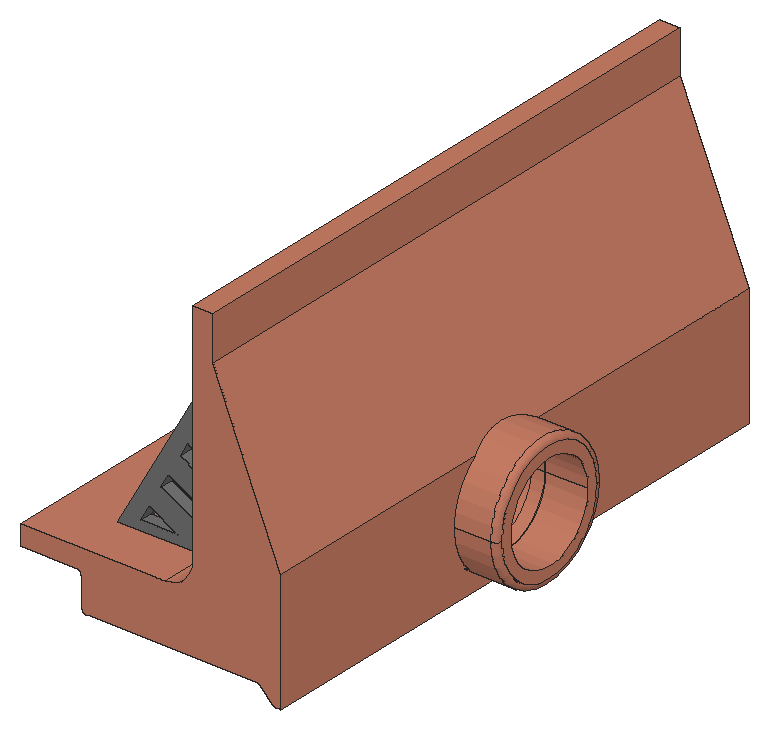
Revit family
Parameters (values of type "2" Diameter")
  Warranty = "1 year material and workmanship"  # constant formula
  Void = Pipe Radius - 1/16"  # 15/16"
  URL = "http://www.jrsmith.com"
  Technical and Installation = "http://www.jrsmith.com/products/roof/tech_data_index.htm"
  SmartBIM Object Version = 3  # constant formula
  SmartBIM Object Created By = "Reed Construction Data"  # constant formula
  Product URL = "http://www.jrsmith.com/products/roof/submittal/d1510.pdf"
  Pipe Radius = Pipe Diameter / 2  # 1"
  Pipe Diameter = 2"
  OmniClass Title = "Roof Drains"  # constant formula
  OmniClass Code = "22-22 14 26 13"  # constant formula
  Offset = Pipe Diameter + 1/2"  # 2 1/2"
  Model = "1510"  # constant formula
  Material Finish = Duco coated
  Material = Cast Iron
  Manufacturer = "Jay R. Smith Mfg. Co. "  # constant formula
  Free Area (in²) = "20"
  Drain Diameter = "2\""
  Dome Free Area = "2\""
  Description = "Duco cast iron body, flashing clamp, and loose set grate"  # constant formula
  Default Elevation = 0"
  Connection Type = ""
  Assembly Code = "D2040200"
  95 CSI = "15165"  # constant formula
  04 CSI = "22 14 35"  # constant formula
Types (6): name | Void | Pipe Radius | Pipe Diameter | Offset | Free Area (in²) | Drain Diameter | Dome Free Area
  (no name) | 15/16" | 1" | 2" | 2 1/2" | "20" | "2\"" | "2\""
  2" Diameter | 15/16" | 1" | 2" | 2 1/2" | "20" | "2\"" | "2\""
  3" Diameter | 1 7/16" | 1 1/2" | 3" | 3 1/2" | "20" | "3\"" | "3\""
  4" Diameter | 1 15/16" | 2" | 4" | 4 1/2" | "20" | "4\"" | "4\""
  5" Diameter | 2 7/16" | 2 1/2" | 5" | 5 1/2" | "40" | "5\"" | "5\""
  6" Diameter | 2 15/16" | 3" | 6" | 6 1/2" | "40" | "6\"" | "6\""
Reference planes (in)
  plane 1 "Center (Front/Back)": y = -0.21641
  plane 2: z = 0
  plane 3 "Center (Left/Right)": x = 0
  plane 4 "Extrusion Top Edge": y = 1.03359
  plane 5: y = -1.46641
  plane 6: z = -1.3324
  plane 7: z = 4.46411
  plane 8: z = 1.56585
  plane 9: z = -0.3324
  plane 10: z = 0.6676
Forms (in)
  Extrusion 1, solid, material "Cast Iron" <- "Material"
    sketch origin (-2.49468, 6, -1.3324) x (1, 0, 0) y (0, 0, 1)
      loop
        line (1.72072, 1.53462) -> (-1.25532, 1.53462) -> (-1.25532, 1.13032) -> (0.20213, 1.13032) -> (0.20213, 1.3324) -> (2.07185, 1.3324)
        arc (2.07185, 1.3324) -> (2.51379, 1.51546) -> (2.69685, 1.9574) r 0.625
        line (2.69685, 1.9574) -> (2.69685, 6.79521) -> (2.29251, 6.78989) -> (2.29251, 5.61845) -> (2.29251, 2.1064)
        arc (2.29251, 2.1064) -> (2.12504, 1.70209) -> (1.72072, 1.53462) r 0.57179
    from 0 to 12
  Extrusion 2, solid, material "Duco coated" <- "Material Finish"
    sketch origin (57.77379, 6, -1.3324) x (1, 0, 0) y (0, 0, 1)
      loop
        line (-60.35664, 1.53462) -> (-60.06506, 1.53462) -> (-57.97597, 5.296) -> (-57.97597, 5.76541) -> (-60.35664, 1.53462)
    from 1.19998 to 10.964
  Extrusion 3, void
    sketch origin (-2.58285, 6, 0.20221) x (-0.490396, 0, -0.8715) y (0, 1, 0)
      loop
        line (-4.24857, -1.44998) -> (-4.24857, -1.69998) -> (-0.24857, -1.69998) -> (-0.24857, -1.44998) -> (-4.24857, -1.44998)
      loop
        line (-4.24857, -1.94998) -> (-4.24857, -2.19998) -> (-0.24857, -2.19998) -> (-0.24857, -1.94998) -> (-4.24857, -1.94998)
      loop
        line (-4.24857, -2.44998) -> (-4.24857, -2.69998) -> (-0.24857, -2.69998) -> (-0.24857, -2.44998) -> (-4.24857, -2.44998)
      loop
        line (-4.24857, -2.94998) -> (-4.24857, -3.19998) -> (-0.24857, -3.19998) -> (-0.24857, -2.94998) -> (-4.24857, -2.94998)
      loop
        line (-4.24857, -3.44998) -> (-4.24857, -3.69998) -> (-0.24857, -3.69998) -> (-0.24857, -3.44998) -> (-4.24857, -3.44998)
      loop
        line (-4.24857, -3.94998) -> (-4.24857, -4.19998) -> (-0.24857, -4.19998) -> (-0.24857, -3.94998) -> (-4.24857, -3.94998)
      loop
        line (-4.24857, -4.44998) -> (-4.24857, -4.69998) -> (-0.24857, -4.69998) -> (-0.24857, -4.44998) -> (-4.24857, -4.44998)
      loop
        line (-4.24857, -4.94998) -> (-4.24857, -5.19998) -> (-0.24857, -5.19998) -> (-0.24857, -4.94998) -> (-4.24857, -4.94998)
      loop
        line (-4.24857, -5.44998) -> (-4.24857, -5.69998) -> (-0.24857, -5.69998) -> (-0.24857, -5.44998) -> (-4.24857, -5.44998)
      loop
        line (-4.24857, -5.94998) -> (-4.24857, -6.19998) -> (-0.24857, -6.19998) -> (-0.24857, -5.94998) -> (-4.24857, -5.94998)
      loop
        line (-4.24857, -6.44998) -> (-4.24857, -6.69998) -> (-0.24857, -6.69998) -> (-0.24857, -6.44998) -> (-4.24857, -6.44998)
      loop
        line (-4.24857, -6.94998) -> (-4.24857, -7.19998) -> (-0.24857, -7.19998) -> (-0.24857, -6.94998) -> (-4.24857, -6.94998)
      loop
        line (-4.24857, -7.44998) -> (-4.24857, -7.69998) -> (-0.24857, -7.69998) -> (-0.24857, -7.44998) -> (-4.24857, -7.44998)
      loop
        line (-4.24857, -7.94998) -> (-4.24857, -8.19998) -> (-0.24857, -8.19998) -> (-0.24857, -7.94998) -> (-4.24857, -7.94998)
      loop
        line (-4.24857, -8.44998) -> (-4.24857, -8.69998) -> (-0.24857, -8.69998) -> (-0.24857, -8.44998) -> (-4.24857, -8.44998)
      loop
        line (-4.24857, -8.94998) -> (-4.24857, -9.19998) -> (-0.24857, -9.19998) -> (-0.24857, -8.94998) -> (-4.24857, -8.94998)
      loop
        line (-4.24857, -9.44998) -> (-4.24857, -9.69998) -> (-0.24857, -9.69998) -> (-0.24857, -9.44998) -> (-4.24857, -9.44998)
      loop
        line (-4.24857, -9.94998) -> (-4.24857, -10.19998) -> (-0.24857, -10.19998) -> (-0.24857, -9.94998) -> (-4.24857, -9.94998)
      loop
        line (-4.24857, -10.44998) -> (-4.24857, -10.69998) -> (-0.24857, -10.69998) -> (-0.24857, -10.44998) -> (-4.24857, -10.44998)
    from 0 to 6.46821
  Extrusion 4, solid, material "Duco coated" <- "Material Finish"
    sketch origin (57.77379, 6, -1.3324) x (1, 0, 0) y (0, 0, 1)
      loop
        line (-60.06506, 1.53462) -> (-58.54775, 1.53462)
        arc (-58.54775, 1.53462) -> (-58.14344, 1.70209) -> (-57.97596, 2.1064) r 0.57179
        line (-57.97596, 2.1064) -> (-57.97596, 5.296) -> (-60.06506, 1.53462)
      loop
        line (-58.05946, 4.98938) -> (-58.28007, 4.5946) -> (-58.04862, 4.45784) -> (-58.05946, 4.98938)
      loop
        line (-58.67025, 3.89639) -> (-58.02734, 3.56422) -> (-58.02734, 3.95784) -> (-58.49375, 4.21224) -> (-58.67025, 3.89639)
      loop
        line (-58.89994, 3.48536) -> (-59.05646, 3.20528) -> (-58.0167, 2.59613) -> (-58.0167, 2.97911) -> (-58.89994, 3.48536)
      loop
        line (-59.46047, 2.4823) -> (-58.39968, 1.90464) -> (-58.25074, 2.1706) -> (-59.3068, 2.7573) -> (-59.46047, 2.4823)
      loop
        line (-59.8784, 1.73443) -> (-59.11245, 1.73443) -> (-59.69947, 2.05463) -> (-59.8784, 1.73443)
    from 10.69998 to 10.964
  Extrusion 5, solid, material "Duco coated" <- "Material Finish"
    sketch origin (57.77379, 6, -1.3324) x (1, 0, 0) y (0, 0, -1)
      loop
        line (-60.06506, -1.53462) -> (-57.97596, -5.296) -> (-57.97596, -2.1064)
        arc (-57.97596, -2.1064) -> (-58.14344, -1.70209) -> (-58.54775, -1.53462) r 0.57179
        line (-58.54775, -1.53462) -> (-60.06506, -1.53462)
      loop
        line (-58.05946, -4.98938) -> (-58.04862, -4.45784) -> (-58.28007, -4.5946) -> (-58.05946, -4.98938)
      loop
        line (-58.67025, -3.89639) -> (-58.49375, -4.21224) -> (-58.02734, -3.95784) -> (-58.02734, -3.56422) -> (-58.67025, -3.89639)
      loop
        line (-58.89994, -3.48536) -> (-58.0167, -2.97911) -> (-58.0167, -2.59613) -> (-59.05646, -3.20528) -> (-58.89994, -3.48536)
      loop
        line (-59.46047, -2.4823) -> (-59.3068, -2.7573) -> (-58.25074, -2.1706) -> (-58.39968, -1.90464) -> (-59.46047, -2.4823)
      loop
        line (-59.8784, -1.73443) -> (-59.69947, -2.05463) -> (-59.11245, -1.73443) -> (-59.8784, -1.73443)
    from -1.44998 to -1.19998
  Extrusion 6, solid, material "Cast Iron" <- "Material"
    sketch origin (0, -0.21641, 0) x (1, 0, 0) y (0, 0, 1)
      loop
        line (-2.29255, 0) -> (-2.29255, -0.20209) -> (-2.61968, -0.20209)
        arc (-2.61968, -0.20209) -> (-2.53129, -0.2387) -> (-2.49468, -0.32709) r 0.125
        line (-2.49468, -0.32709) -> (-2.49468, -0.86964)
        arc (-2.49468, -0.86964) -> (-2.45807, -0.95803) -> (-2.36968, -0.99464) r 0.125
        line (-2.36968, -0.99464) -> (0.20217, -0.99464) -> (0.20217, 0.625)
        arc (0.20217, 0.625) -> (0.01911, 0.18306) -> (-0.42283, 0) r 0.625
        line (-0.42283, 0) -> (-2.29255, 0)
    from -6.21641 to 5.78359
  Sweep 7, solid, material "Cast Iron" <- "Material"
    path origin (0, 0, 0) x (0, 1, 0) y (0, 0, 1)
      loop
        circle (-0.21641, 0.07385) r 1
    profile origin (0, -0.21641, 1.07385) x (0, 0, -1) y (1, 0, 0)
      loop
        line (0, 2.49468) -> (-0.23005, 2.49468)
        arc (-0.23005, 2.49468) -> (-0.31844, 2.45807) -> (-0.35505, 2.36968) r 0.125
        line (-0.35505, 2.36968) -> (-0.35505, 1.47587)
        arc (-0.35505, 1.47587) -> (-0.34555, 1.42807) -> (-0.31849, 1.38753) r 0.125
        line (-0.31849, 1.38753) -> (-0.11103, 1.17981)
        arc (-0.11103, 1.17981) -> (-0.08397, 1.13928) -> (-0.07447, 1.09148) r 0.125
        line (-0.07447, 1.09148) -> (-0.07447, 0.20217) -> (0.07447, 0.20217) -> (0.07447, 1.25) -> (-0.07447, 1.39894) -> (-0.07447, 1.6117) -> (0, 1.6117) -> (0, 2.49468)
  Extrusion 8, solid, material "Cast Iron" <- "Material"
    sketch origin (0, -0.21641, 0) x (1, 0, 0) y (0, 0, 1)
      loop
        line (0.20217, 4.5639) -> (0.20217, -0.99464) -> (1.09148, -0.99464)
        arc (1.09148, -0.99464) -> (1.13928, -1.00414) -> (1.17981, -1.0312) r 0.125
        line (1.17981, -1.0312) -> (1.44478, -1.29585)
        arc (1.44478, -1.29585) -> (1.48532, -1.3229) -> (1.53312, -1.3324) r 0.125
        line (1.53312, -1.3324) -> (1.6117, -1.3324) -> (1.6117, 1.15233) -> (0.20217, 4.5639)
    from -6.21641 to 5.78359
  Extrusion 9, void
    sketch origin (0, 0, 0) x (0, 1, 0) y (0, 0, 1)
      loop
        circle (-0.21641, 0.07385) r 1
    from -0.89646 to 2.49468
Cuts and joins
  Extrusion 3 cuts Extrusion 2
  Extrusion 3 cuts Extrusion 4
  Extrusion 3 cuts Extrusion 5
  joined: Extrusion 2, Extrusion 4, Extrusion 5
  Extrusion 9 cuts Extrusion 1
  Extrusion 9 cuts Extrusion 6
  Extrusion 9 cuts Extrusion 8
  joined: Extrusion 1, Extrusion 6, Extrusion 8
Lines and regions (in)
  symbolic lines
    curve 1: line (0.20217, 6, 0) -> (-3.75, 6, 0)
    curve 2: line (-3.75, 6, 0) -> (-3.75, -6, 0)
    curve 3: line (-3.75, -6, 0) -> (0.20217, -6, 0)
    curve 4: line (0.20217, -6, 0) -> (0.20217, 6, 0)
Dimensions and locks (in)
  equal spacing: plane 4 "Extrusion Top Edge", plane 1 "Center (Front/Back)", plane 5
  "Offset": plane 4 "Extrusion Top Edge" to plane 5
  equal spacing: plane 7, plane 8, plane 6
  equal spacing: plane 10, plane 9, plane 6
  "Pipe Diameter": plane 10 to plane 6
  locked: level to plane 6 at 1.3324
  Sweep 7 sketch curve to Sweep 7 sketch curve to Sweep 7 sketch curve to Sweep 7 sketch curve = 0.28059" locked, 0.07447" locked, 0.07447" locked
  locked: Sweep 7 sketch curve to Sweep 7 sketch curve at 0.0956  (x2)
  locked: Sweep 7 sketch curve to Sweep 7 sketch curve at 0.21063
  locked: Sweep 7 sketch curve to plane 6 at 0.40625
  "Pipe Radius": radius of Sweep 7 sketch curve
  aligned and locked: Extrusion 6 sketch curve to plane 2
  aligned and locked: plane 1 "Center (Front/Back)" to Sweep 7 sketch curve
  aligned and locked: Extrusion 9 sketch curve to Sweep 7
  aligned and locked: Sweep 7 to Extrusion 9
  aligned and locked: Extrusion 9 to cut or joined group of Extrusion 2, Extrusion 3, Extrusion 4, Extrusion 5
  aligned and locked: cut or joined group of Extrusion 1, Extrusion 6, Extrusion 8, Extrusion 9 to curve 1
  aligned and locked: curve 2 to cut or joined group of Extrusion 1, Extrusion 6, Extrusion 8, Extrusion 9
  aligned and locked: curve 3 to cut or joined group of Extrusion 1, Extrusion 6, Extrusion 8, Extrusion 9
  aligned and locked: curve 4 to cut or joined group of Extrusion 1, Extrusion 6, Extrusion 8, Extrusion 9
Automatic sketch dimensions
  Extrusion 1 sketch curve to level = 0"
  level to Extrusion 1 sketch curve = 0.20221"
  Extrusion 1 sketch curve to plane 3 "Center (Left/Right)" = 3 3/4"
  Extrusion 1 sketch curve to level = 0.20209"
  Extrusion 1 sketch curve to Extrusion 1 sketch curve = 1.45745"
  Extrusion 1 sketch curve to Extrusion 1 sketch curve = 0"  (x3)
  Extrusion 1 sketch curve to plane 3 "Center (Left/Right)" = 0.77396"
  Extrusion 1 sketch curve to Extrusion 1 sketch curve = 0.35113"
  Extrusion 1 sketch curve to plane 3 "Center (Left/Right)" = 0.20217"
  plane 3 "Center (Left/Right)" to Extrusion 1 sketch curve = 0.20217"
  Extrusion 1 sketch curve to Extrusion 1 sketch curve = 3.51204"
  Extrusion 1 sketch curve to Extrusion 1 sketch curve = 1.17145"
  Extrusion 1 sketch curve to Extrusion 1 sketch curve = 0.00532"
  level to Extrusion 2 sketch curve = 0.20221"
  Extrusion 2 sketch curve to plane 3 "Center (Left/Right)" = 2.58285"
  Extrusion 2 sketch curve to Extrusion 2 sketch curve = 0.29158"
  Extrusion 2 sketch curve to plane 3 "Center (Left/Right)" = 0.20217"
  level to Extrusion 2 sketch curve = 3.96359"
  Extrusion 2 sketch curve to Extrusion 2 sketch curve = 0.46941"
  Extrusion 3 sketch curve to Extrusion 2 = 1/4"
  Extrusion 2 to Extrusion 3 sketch curve = 0.60604"  (x2)
  Extrusion 3 sketch curve to Extrusion 3 sketch curve = 0"  (x17)
  Extrusion 2 to Extrusion 3 sketch curve = 0.24857"  (x19)
  Extrusion 3 sketch curve to Extrusion 3 sketch curve = 1/4"  (x37)
  level to Extrusion 4 sketch curve = 0.20221"
  Extrusion 4 sketch curve to plane 3 "Center (Left/Right)" = 2.29127"
  Extrusion 4 sketch curve to Extrusion 4 sketch curve = 0.18666"
  level to Extrusion 4 sketch curve = 0.72222"
  Extrusion 4 sketch curve to Extrusion 4 sketch curve = 0.17893"
  Extrusion 4 sketch curve to Extrusion 4 sketch curve = 0.239"
  Extrusion 4 sketch curve to Extrusion 4 sketch curve = 0.15367"
  Extrusion 4 sketch curve to Extrusion 4 sketch curve = 0.58702"
  Extrusion 4 sketch curve to Extrusion 4 sketch curve = 0.25034"
  Extrusion 4 sketch curve to Extrusion 4 sketch curve = 0.15651"
  Extrusion 4 sketch curve to Extrusion 4 sketch curve = 0.22969"
  Extrusion 4 sketch curve to Extrusion 4 sketch curve = 0.56469"
  Extrusion 4 sketch curve to Extrusion 4 sketch curve = 0.1765"
  Extrusion 4 sketch curve to Extrusion 4 sketch curve = 0.14807"
  Extrusion 4 sketch curve to Extrusion 4 sketch curve = 0.21367"
  Extrusion 4 sketch curve to Extrusion 4 sketch curve = 0.29701"
  Extrusion 4 sketch curve to plane 3 "Center (Left/Right)" = 0.28567"
  Extrusion 4 sketch curve to Extrusion 4 sketch curve = 0.23146"
  Extrusion 4 sketch curve to plane 3 "Center (Left/Right)" = 0.25355"
  Extrusion 4 sketch curve to plane 3 "Center (Left/Right)" = 0.24291"
  Extrusion 4 sketch curve to plane 3 "Center (Left/Right)" = 0.20217"
  Extrusion 4 sketch curve to Extrusion 4 sketch curve = 0.19981"
  Extrusion 4 sketch curve to Extrusion 4 sketch curve = 0.20176"
  Extrusion 4 sketch curve to Extrusion 4 sketch curve = 0.0642"
  Extrusion 4 sketch curve to Extrusion 4 sketch curve = 0.42768"
  Extrusion 4 sketch curve to Extrusion 4 sketch curve = 0.42553"
  Extrusion 4 sketch curve to Extrusion 4 sketch curve = 0.275"
  Extrusion 4 sketch curve to Extrusion 4 sketch curve = 0.38298"
  Extrusion 4 sketch curve to Extrusion 4 sketch curve = 0.44798"
  Extrusion 4 sketch curve to Extrusion 4 sketch curve = 0.28008"
  Extrusion 4 sketch curve to Extrusion 4 sketch curve = 0.58511"
  Extrusion 4 sketch curve to Extrusion 4 sketch curve = 0.41103"
  Extrusion 4 sketch curve to Extrusion 4 sketch curve = 0.39362"
  Extrusion 4 sketch curve to Extrusion 4 sketch curve = 0.31585"
  Extrusion 4 sketch curve to Extrusion 4 sketch curve = 1/2"
  Extrusion 4 sketch curve to Extrusion 4 sketch curve = 0.13677"
  Extrusion 4 sketch curve to Extrusion 4 sketch curve = 0.39477"
  Extrusion 4 sketch curve to Extrusion 4 sketch curve = 0.30662"
  level to Extrusion 5 sketch curve = 0.20221"
  Extrusion 5 sketch curve to plane 3 "Center (Left/Right)" = 2.29127"
  Extrusion 5 sketch curve to Extrusion 5 sketch curve = 0.18666"
  level to Extrusion 5 sketch curve = 0.72222"
  Extrusion 5 sketch curve to Extrusion 5 sketch curve = 0.17893"
  Extrusion 5 sketch curve to Extrusion 5 sketch curve = 0.239"
  Extrusion 5 sketch curve to Extrusion 5 sketch curve = 0.15367"
  Extrusion 5 sketch curve to Extrusion 5 sketch curve = 0.58702"
  Extrusion 5 sketch curve to Extrusion 5 sketch curve = 0.25034"
  Extrusion 5 sketch curve to Extrusion 5 sketch curve = 0.15651"
  Extrusion 5 sketch curve to Extrusion 5 sketch curve = 0.22969"
  Extrusion 5 sketch curve to Extrusion 5 sketch curve = 0.56469"
  Extrusion 5 sketch curve to Extrusion 5 sketch curve = 0.1765"
  Extrusion 5 sketch curve to Extrusion 5 sketch curve = 0.14807"
  Extrusion 5 sketch curve to Extrusion 5 sketch curve = 0.21367"
  Extrusion 5 sketch curve to Extrusion 5 sketch curve = 0.29701"
  Extrusion 5 sketch curve to plane 3 "Center (Left/Right)" = 0.28567"
  Extrusion 5 sketch curve to Extrusion 5 sketch curve = 0.23146"
  Extrusion 5 sketch curve to plane 3 "Center (Left/Right)" = 0.25355"
  Extrusion 5 sketch curve to plane 3 "Center (Left/Right)" = 0.24291"
  Extrusion 5 sketch curve to plane 3 "Center (Left/Right)" = 0.20217"
  Extrusion 5 sketch curve to Extrusion 5 sketch curve = 0.0642"
  Extrusion 5 sketch curve to Extrusion 5 sketch curve = 0.42768"
  Extrusion 5 sketch curve to Extrusion 5 sketch curve = 0.42553"
  Extrusion 5 sketch curve to Extrusion 5 sketch curve = 0.275"
  Extrusion 5 sketch curve to Extrusion 5 sketch curve = 0.38298"
  Extrusion 5 sketch curve to Extrusion 5 sketch curve = 0.44798"
  Extrusion 5 sketch curve to Extrusion 5 sketch curve = 0.28008"
  Extrusion 5 sketch curve to Extrusion 5 sketch curve = 0.58511"
  Extrusion 5 sketch curve to Extrusion 5 sketch curve = 0.41103"
  Extrusion 5 sketch curve to Extrusion 5 sketch curve = 0.39362"
  Extrusion 5 sketch curve to Extrusion 5 sketch curve = 0.31585"
  Extrusion 5 sketch curve to Extrusion 5 sketch curve = 1/2"
  Extrusion 5 sketch curve to Extrusion 5 sketch curve = 0.13677"
  Extrusion 5 sketch curve to Extrusion 5 sketch curve = 0.39477"
  Extrusion 5 sketch curve to Extrusion 5 sketch curve = 0.30662"
  Extrusion 5 sketch curve to Extrusion 5 sketch curve = 0.20176"
  Extrusion 5 sketch curve to Extrusion 5 sketch curve = 0.19981"
  Extrusion 6 sketch curve to Extrusion 6 sketch curve = 0.07713"
  Extrusion 6 sketch curve to Extrusion 6 sketch curve = 1/8"  (x3)
  Extrusion 6 sketch curve to Extrusion 6 sketch curve = 0"  (x2)
  Extrusion 6 sketch curve to Extrusion 6 sketch curve = 0.54255"
  Extrusion 6 sketch curve to level = 0.20209"
  Extrusion 6 sketch curve to plane 3 "Center (Left/Right)" = 2.61968"
  profile plane to Sweep 7 sketch curve = 0.31849"
  profile plane to Sweep 7 sketch curve = 0.23005"
  Sweep 7 sketch curve to Sweep 7 sketch curve = 0.03656"
  Sweep 7 sketch curve to Sweep 7 sketch curve = 0.07447"
  plane 3 "Center (Left/Right)" to Sweep 7 sketch curve = 0.20217"
  Sweep 7 sketch curve to Sweep 7 sketch curve = 0.88931"
  Sweep 7 sketch curve to Sweep 7 sketch curve = 0.07019"
  Sweep 7 sketch curve to Sweep 7 sketch curve = 0.07693"
  Sweep 7 sketch curve to Sweep 7 sketch curve = 0.21277"
  Sweep 7 sketch curve to Sweep 7 sketch curve = 0.75798"
  Sweep 7 sketch curve to profile plane = 0"
  plane 10 to Extrusion 8 sketch curve = 0.48474"
  plane 3 "Center (Left/Right)" to Extrusion 8 sketch curve = 0.20217"
  Extrusion 8 sketch curve to plane 6 = 0"
  plane 3 "Center (Left/Right)" to Extrusion 8 sketch curve = 1.09148"
  plane 6 to Extrusion 8 sketch curve = 0.30121"
  Extrusion 8 sketch curve to Extrusion 8 sketch curve = 0.08834"  (x2)
  plane 6 to Extrusion 8 sketch curve = 0.03656"
  Extrusion 8 sketch curve to Extrusion 8 sketch curve = 0.08844"
  Extrusion 8 sketch curve to Extrusion 8 sketch curve = 0.26497"
  plane 7 to Extrusion 8 sketch curve = 0.0998"
  plane 3 "Center (Left/Right)" to Extrusion 8 sketch curve = 1.6117"
  Extrusion 6 sketch curve to plane 3 "Center (Left/Right)" = 0.42283"
  plane 3 "Center (Left/Right)" to Extrusion 6 sketch curve = 0.20217"
  curve 1 to plane 3 "Center (Left/Right)" = 3 3/4"
  plane 5 to curve 2 = 4.53359"
  plane 4 "Extrusion Top Edge" to curve 2 = 4.96641"
  plane 3 "Center (Left/Right)" to curve 4 = 0.20217"
Connectors (in)
  piping at (2.49468, -0.21641, 0.07385), driven by "Pipe Radius"
    settings: on Sweep 7, index 1
